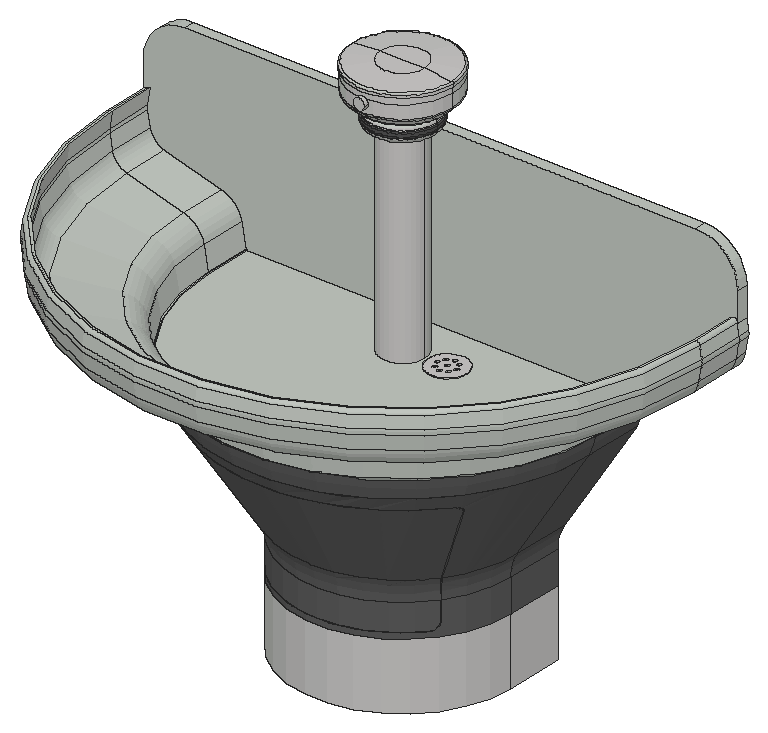
Revit family "Washfountain_Lavatory-Bradley_Corp-TDB3104-Type_O_Drain", category Plumbing Fixtures, Revit 2012 (continued)
Lines and regions (in)
  symbolic lines, detail levels fine
    curve 123: arc (0, -15.24266, 20) -> (0, -14.62169, 19.87689) -> (0, -14.2179, 19.38934) r 0.94465
  symbolic lines, visible <- "Towel Dispenser"
    curve 42: line (-9.02868, -27, 53.185) -> (-3.52868, -27, 53.185)
    curve 43: line (-3.52868, -27, 53.185) -> (-1.58013, -27, 51.81)
    curve 44: line (-3.52868, -27, 53.185) -> (-3.52868, -27, 66.435)
    curve 45: line (-9.02868, -27, 66.435) -> (-3.52868, -27, 66.435)
    curve 46: line (-3.52868, -27, 66.435) -> (-0.06458, -27, 67.1225)
    curve 47: line (-0.06458, -27, 67.1225) -> (-0.06458, -27, 51.81)
    curve 48: line (0.06458, -27, 51.81) -> (0.06458, -27, 67.1225)
    curve 49: line (0.06458, -27, 67.1225) -> (3.52868, -27, 66.435)
    curve 50: line (3.52868, -27, 66.435) -> (3.52868, -27, 53.185)
    curve 51: line (3.52868, -27, 53.185) -> (1.58013, -27, 51.81)
    curve 52: line (3.52868, -27, 53.185) -> (9.02868, -27, 53.185)
    curve 53: line (3.52868, -27, 66.435) -> (9.02868, -27, 66.435)
    curve 54: line (-2, -27, 67.1225) -> (2, -27, 67.1225)
    curve 55: line (-2, -27, 51.81) -> (2, -27, 51.81)
    curve 70: line (-5.56458, 7, 67.1225) -> (-5.56458, 7, 51.81)
    curve 71: line (5.56458, 7, 67.1225) -> (5.56458, 7, 51.81)
    curve 72: line (-2, 7, 53.37293) -> (-2, 7, 65.935)
    curve 73: line (2, 7, 65.935) -> (2, 7, 53.37293)
    curve 133: line (-27, -4.11186, 66.435) -> (-27, -2.11186, 67.1225)
    curve 134: line (-27, -4.11186, 66.435) -> (-27, -13.63814, 66.435)
    curve 135: line (-27, -4.11186, 53.185) -> (-27, -4.11186, 66.435)
    curve 136: line (-27, -2.98686, 51.81) -> (-27, -4.11186, 53.185)
    curve 137: line (-27, -4.11186, 53.185) -> (-27, -13.63814, 53.185)
    curve 144: line (-27, -3.25, 67.1225) -> (-27, -7.25, 67.1225)
    curve 145: line (-26.9807, -3.25, 51.81) -> (-26.9807, -7.25, 51.81)
    curve 152: line (-0.06458, -11.63814, 51.81) -> (-5.56458, -2.11186, 51.81)
    curve 153: line (5.56458, -2.11186, 51.81) -> (0.06458, -11.63814, 51.81)
    curve 164: line (-2, 7, 51.81) -> (-2, 7, 52.87293)
    curve 165: line (2, 7, 51.81) -> (2, 7, 52.87293)
    curve 166: line (-2, 7, 67.1225) -> (-2, 7, 66.435)
    curve 167: line (2, 7, 67.1225) -> (2, 7, 66.435)
    curve 168: line (-5.56458, 7, 66.435) -> (5.56458, 7, 66.435)
    curve 169: line (5.56458, 7, 65.935) -> (-5.56458, 7, 65.935)
    curve 170: line (-5.56458, 7, 53.37293) -> (5.56458, 7, 53.37293)
    curve 171: line (5.56458, 7, 52.87293) -> (-5.56458, 7, 52.87293)
  symbolic lines, visible <- "Towel Dispenser", detail levels medium+fine
    curve 56: line (-3.83614, -27, 52.87293) -> (-7.83674, -27, 52.87293)
    curve 57: spline (-7.83674, -27, 52.87293) -> (-7.91491, -27, 52.8596) -> (-7.94999, -27, 52.82053) -> (-7.93958, -27, 52.75838) -> (-7.88439, -27, 52.67739) -> (-7.78818, -27, 52.58306) -> (-7.65752, -27, 52.48184) -> (-7.50129, -27, 52.38062) -> (-7.33016, -27, 52.2863) -> (-7.15579, -27, 52.2053) -> (-6.99004, -27, 52.14315) -> (-6.84423, -27, 52.10408) -> (-6.72829, -27, 52.09075)
    curve 58: line (-6.72829, -27, 52.09075) -> (-2.72769, -27, 52.09075)
    curve 59: spline (-2.72769, -27, 52.09075) -> (-2.64952, -27, 52.10408) -> (-2.61444, -27, 52.14315) -> (-2.62485, -27, 52.2053) -> (-2.68004, -27, 52.2863) -> (-2.77625, -27, 52.38062) -> (-2.90691, -27, 52.48184) -> (-3.06314, -27, 52.58306) -> (-3.23427, -27, 52.67739) -> (-3.40864, -27, 52.75838) -> (-3.57439, -27, 52.82053) -> (-3.7202, -27, 52.8596) -> (-3.83614, -27, 52.87293)
    curve 60: line (7.83728, -27, 52.87335) -> (3.83704, -27, 52.87335)
    curve 61: spline (3.83704, -27, 52.87335) -> (3.72108, -27, 52.86002) -> (3.57526, -27, 52.82095) -> (3.4095, -27, 52.75879) -> (3.2351, -27, 52.67779) -> (3.06395, -27, 52.58345) -> (2.90772, -27, 52.48222) -> (2.77704, -27, 52.38099) -> (2.68082, -27, 52.28666) -> (2.62563, -27, 52.20565) -> (2.61521, -27, 52.1435) -> (2.65029, -27, 52.10442) -> (2.72847, -27, 52.09109)
    curve 62: line (2.72847, -27, 52.09109) -> (6.72872, -27, 52.09109)
    curve 63: spline (6.72872, -27, 52.09109) -> (6.84468, -27, 52.10442) -> (6.9905, -27, 52.1435) -> (7.15626, -27, 52.20565) -> (7.33066, -27, 52.28666) -> (7.5018, -27, 52.38099) -> (7.65804, -27, 52.48222) -> (7.78872, -27, 52.58345) -> (7.88494, -27, 52.67779) -> (7.94013, -27, 52.75879) -> (7.95054, -27, 52.82095) -> (7.91547, -27, 52.86002) -> (7.83728, -27, 52.87335)
    curve 140: line (-27, -12.08429, 52.87293) -> (-27, -5.15505, 52.87293)
    curve 141: spline (-27, -5.15505, 52.87293) -> (-27, -4.97604, 52.8596) -> (-27, -4.78742, 52.82053) -> (-27, -4.60205, 52.75838) -> (-27, -4.43256, 52.67739) -> (-27, -4.2905, 52.58306) -> (-27, -4.18555, 52.48184) -> (-27, -4.12486, 52.38062) -> (-27, -4.11258, 52.2863) -> (-27, -4.14953, 52.2053) -> (-27, -4.23319, 52.14315) -> (-27, -4.35788, 52.10408) -> (-27, -4.51509, 52.09075)
    curve 142: line (-27, -4.51509, 52.09075) -> (-27, -11.44433, 52.09075)
    curve 143: spline (-27, -11.44433, 52.09075) -> (-27, -11.62334, 52.10408) -> (-27, -11.81196, 52.14315) -> (-27, -11.99733, 52.2053) -> (-27, -12.16682, 52.2863) -> (-27, -12.30888, 52.38062) -> (-27, -12.41383, 52.48184) -> (-27, -12.47452, 52.58306) -> (-27, -12.4868, 52.67739) -> (-27, -12.44985, 52.75838) -> (-27, -12.36618, 52.82053) -> (-27, -12.2415, 52.8596) -> (-27, -12.08429, 52.87293)
    curve 151: line (-1.58013, -12.51314, 51.81) -> (-7.08013, -2.98686, 51.81)
    curve 154: line (7.08013, -2.98686, 51.81) -> (1.58013, -12.51314, 51.81)
  symbolic lines, visible <- "Towel Dispenser", detail levels fine
    curve 64: line (-8.05179, -27, 57.78719) -> (-8.05179, -27, 55.78719)
    curve 65: line (-8.05179, -27, 55.78719) -> (-8.05179, -27, 57.78719)
    curve 66: line (4.50683, -27, 57.78485) -> (4.50683, -27, 55.78485)
    curve 67: line (4.50683, -27, 55.78485) -> (4.50683, -27, 57.78485)
    curve 68: spline (-9.02868, -27, 53.185) -> (-8.93498, -27, 56.22612) -> (-8.66025, -27, 59.06) -> (-8.22323, -27, 61.4935) -> (-7.65368, -27, 63.3608) -> (-6.99044, -27, 64.53463) -> (-6.27868, -27, 64.935) -> (-5.56693, -27, 64.53463) -> (-4.90368, -27, 63.3608) -> (-4.33414, -27, 61.4935) -> (-3.89711, -27, 59.06) -> (-3.62239, -27, 56.22612) -> (-3.52868, -27, 53.185)
    curve 69: spline (3.52868, -27, 53.185) -> (3.62239, -27, 56.16142) -> (3.89711, -27, 58.935) -> (4.33414, -27, 61.31673) -> (4.90368, -27, 63.14429) -> (5.56693, -27, 64.29315) -> (6.27868, -27, 64.685) -> (6.99044, -27, 64.29315) -> (7.65368, -27, 63.14429) -> (8.22323, -27, 61.31673) -> (8.66025, -27, 58.935) -> (8.93498, -27, 56.16142) -> (9.02868, -27, 53.185)
    curve 138: spline (-27, -13.63814, 53.185) -> (-27, -13.47584, 56.16142) -> (-27, -13, 58.935) -> (-27, -12.24305, 61.31673) -> (-27, -11.25657, 63.14429) -> (-27, -10.10779, 64.29315) -> (-27, -8.875, 64.685) -> (-27, -7.64221, 64.29315) -> (-27, -6.49343, 63.14429) -> (-27, -5.50695, 61.31673) -> (-27, -4.75, 58.935) -> (-27, -4.27416, 56.16142) -> (-27, -4.11186, 53.185)
    curve 139: spline (-27, -5.8067, 55.78656) -> (-27, -5.84041, 55.82064) -> (-27, -5.87182, 55.92054) -> (-27, -5.89879, 56.07946) -> (-27, -5.91949, 56.28656) -> (-27, -5.9325, 56.52774) -> (-27, -5.93694, 56.78656) -> (-27, -5.9325, 57.04538) -> (-27, -5.91949, 57.28656) -> (-27, -5.89879, 57.49367) -> (-27, -5.87182, 57.65259) -> (-27, -5.84041, 57.75249) -> (-27, -5.8067, 57.78656) -> (-27, -5.77299, 57.75249) -> (-27, -5.74158, 57.65259) -> (-27, -5.7146, 57.49367) -> (-27, -5.69391, 57.28656) -> (-27, -5.68089, 57.04538) -> (-27, -5.67646, 56.78656) -> (-27, -5.68089, 56.52774) -> (-27, -5.69391, 56.28656) -> (-27, -5.7146, 56.07946) -> (-27, -5.74158, 55.92054) -> (-27, -5.77299, 55.82064) -> (-27, -5.8067, 55.78656)
  symbolic lines, visible <- "Soap Dispenser", detail levels medium+fine
    curve 79: line (-27, -11.45731, 54.75) -> (-27, -3.06766, 54.75)
    curve 87: line (-6.03002, 0, 54.75) -> (6.03002, 0, 54.75)
    curve 155: line (-4.17808, -3.06766, 55.75) -> (-4.17808, -5.3402, 55.75)
    curve 156: arc (4.17808, -5.3402, 55.75) -> (0, -9.51828, 55.75) -> (-4.17808, -5.3402, 55.75) r 4.17808
    curve 157: line (4.17808, -5.3402, 55.75) -> (4.17808, -3.06766, 55.75)
  symbolic lines, visible <- "Soap Dispenser", detail levels fine
    curve 80: line (-27, -11.49582, 55.37453) -> (-27, -3.06766, 55.37453)
    curve 81: line (-27, -11.32199, 54.10673) -> (-27, -3.06766, 54.10673)
    curve 82: line (-27, -11.26962, 52.85673) -> (-27, -3.06766, 52.85673)
    curve 83: line (-27, -11.217, 51.60673) -> (-27, -3.06766, 51.60673)
    curve 84: line (-27, -11.14922, 50.35673) -> (-27, -3.06766, 50.35673)
    curve 86: line (-6.15562, 0, 55.375) -> (6.15562, 0, 55.375)
    curve 88: line (5.98204, 0, 54.10673) -> (-5.98204, 0, 54.10673)
    curve 89: line (-5.92942, 0, 52.85673) -> (5.92942, 0, 52.85673)
    curve 90: line (5.8768, 0, 51.60673) -> (-5.8768, 0, 51.60673)
    curve 91: line (-5.80902, 0, 50.35673) -> (5.82464, 0, 50.35673)
  symbolic lines, visible <- "Soap Dispenser"
    curve 85: line (-27, -7.25, 49.75) -> (-27, -3.24582, 49.75)
    curve 92: line (-2, 0, 49.75) -> (2, 0, 49.75)
  symbolic lines, detail levels medium
    curve 94: line (-4.5755, -5.25, 45.06653) -> (4.5755, -5.25, 45.06653)
    curve 100: line (-3.035, -5.25, 42.77376) -> (-3.125, -5.25, 42.77376)
    curve 101: line (-3.035, -5.25, 43.27361) -> (-3.125, -5.25, 43.27361)
    curve 102: line (3.035, -5.25, 43.27361) -> (3.125, -5.25, 43.27361)
    curve 103: line (3.035, -5.25, 42.77376) -> (3.125, -5.25, 42.77376)
    curve 106: line (-27, -0.6745, 45.06653) -> (-27, -9.8255, 45.06653)
    curve 109: line (-27, -2.125, 43.27361) -> (-27, -2.215, 43.27361)
    curve 111: line (-26.9807, -8.285, 43.27392) -> (-26.9807, -8.375, 43.27392)
    curve 112: line (-27, -8.375, 42.77376) -> (-27, -8.285, 42.77376)
    curve 114: line (-27, -2.215, 42.77376) -> (-27, -2.125, 42.77376)
  symbolic lines, detail levels medium+fine
    curve 98: line (-3.035, -5.25, 43.27361) -> (3.035, -5.25, 43.27361)
    curve 99: line (3.035, -5.25, 42.77376) -> (-3.035, -5.25, 42.77376)
    curve 110: line (-27, -2.215, 43.27361) -> (-27, -8.285, 43.27361)
    curve 113: line (-27, -8.285, 42.77376) -> (-27, -2.215, 42.77376)
    curve 158: line (-16.42795, -5.25, 34) -> (-16.42795, -0.99695, 34)
    curve 159: arc (16.42795, -5.25, 34) -> (0, -21.67795, 34) -> (-16.42795, -5.25, 34) r 16.42795
    curve 160: line (16.42795, -0.99695, 34) -> (16.42795, -5.25, 34)
    curve 173: circle (4, -5.24635, 34) r 1.34351 normal (0, 0, 1)
    curve 174: circle (4, -5.24635, 34) r 0.1842 normal (0, 0, 1)
    curve 175: circle (4, -4.36864, 34) r 0.1842 normal (0, 0, 1)
    curve 176: circle (4.62063, -4.62571, 34) r 0.1842 normal (0, 0, 1)
    curve 177: circle (4.87771, -5.24635, 34) r 0.1842 normal (0, 0, 1)
    curve 178: circle (4.62063, -5.86698, 34) r 0.1842 normal (0, 0, 1)
    curve 179: circle (4, -6.12406, 34) r 0.1842 normal (0, 0, 1)
    curve 180: circle (3.37937, -5.86698, 34) r 0.1842 normal (0, 0, 1)
    curve 181: circle (3.12229, -5.24635, 34) r 0.1842 normal (0, 0, 1)
    curve 182: circle (3.37937, -4.62571, 34) r 0.1842 normal (0, 0, 1)
    curve 185: circle (0, -5.25, 47.414) r 3.75 normal (0, 0, 1)
  symbolic lines, visible <- "Standard Height", detail levels medium+fine
    curve 116: arc (-27, -25.14914, 27.60641) -> (-27, -21.62946, 26.99605) -> (-27, -18.06241, 26.80413) r 30.30246
    curve 132: line (-27, -18.06241, 26.80413) -> (-27, -15.06241, 26.80413)
    curve 161: arc (-19.89268, -27, 27.60641) -> (0, -27, 26.06829) -> (19.89268, -27, 27.60641) r 129.40584
  symbolic lines, visible <- "Standard Height", detail levels coarse
    curve 125: line (-27, -25.14914, 27.60641) -> (-27, 0, 27.60641)
    curve 162: line (-19.89268, -27, 27.60641) -> (19.89268, -27, 27.60641)
  symbolic lines, visible <- "Juvenile Height", detail levels medium+fine
    curve 126: arc (-27, -24.98186, 24.71005) -> (-27, -21.77754, 24.31554) -> (-27, -18.55112, 24.19901) r 37.37844
    curve 146: arc (-19.73471, -27, 24.7109) -> (0, -27, 24) -> (19.73471, -27, 24.7109) r 274.27377
  symbolic lines, visible <- "Soap Dispenser", detail levels medium
    curve 128: line (-6.03002, 0, 54.75) -> (-6.11711, 0, 54.75)
    curve 129: line (6.03002, 0, 54.75) -> (6.11711, 0, 54.75)
  symbolic lines, visible <- "Button Visibility"
    curve 184: circle (0, -44.4096, 45.95529) r 0.5 normal (0, -1, 0)
Dimensions and locks (in)
  equal spacing: plane 4 "Left", plane 3 "Center (Left/Right)", plane 5 "Right"
  "Width": plane 4 "Left" to plane 5 "Right"
  "Towel Dispenser Height": plane 6 "Towel Dispenser" to plane 2
  "Soap Dispenser Height": plane 7 "Soap Dispenser" to plane 2
  "Sensor Module Height": plane 8 "Sensor Module" to plane 2
  "Spray Head Height": plane 9 "Spray Head" to plane 2
  "Rim Height": plane 10 "Rim Height" to plane 2
  "Pedestal Height": plane 11 "Pedestal Height" to plane 2
  locked: curve 14 to plane 11 "Pedestal Height" at 16.5
  locked: curve 21 to plane 11 "Pedestal Height" at 12.5
  locked: Extrusion 19 sketch curve to Extrusion 19 sketch curve at 4
  locked: curve 25 to Extrusion 19 sketch curve at 15.3125
  locked: plane 7 "Soap Dispenser" to Extrusion 23 sketch curve at 6
  locked: plane 7 "Soap Dispenser" to Revolve 25 sketch curve at 6
  locked: plane 7 "Soap Dispenser" to Masking region 13 sketch curve at 6  (x2)
  locked: plane 8 "Sensor Module" to Revolve 22 sketch curve at 3.17187
  locked: plane 8 "Sensor Module" to Revolve 22 sketch curve at 5.10281
  locked: plane 8 "Sensor Module" to Revolve 21 sketch curve at 3.17187
  locked: plane 8 "Sensor Module" to Revolve 21 sketch curve at 5.10281
  locked: curve 25 to Extrusion 19 sketch curve at 15.16214
  locked: curve 25 to Extrusion 19 sketch curve at 4
  locked: Extrusion 18 sketch curve to curve 24 at 4
  locked: curve 24 to Extrusion 18 sketch curve at 15.3125
  locked: curve 24 to Extrusion 18 sketch curve at 15.16214
  "Towel Dispenser Holder": plane 6 "Towel Dispenser" to Masking region 6
  "Towel Dispenser Holder": plane 6 "Towel Dispenser" to Extrusion 27
  locked: Extrusion 27 to Extrusion 18 at 1
  "Towel Dispenser Holder": plane 6 "Towel Dispenser" to Masking region 11
  locked: plane 7 "Soap Dispenser" to Revolve 25 sketch curve at 1
  locked: plane 7 "Soap Dispenser" to Revolve 25 sketch curve at 0.375
  locked: plane 8 "Sensor Module" to Extrusion 15 at 3.17187
  locked: plane 1 "Center (Front/Back)" to Extrusion 30 at 3
  "Supply Height": Extrusion 29 to plane 2
  plane 7 "Soap Dispenser" to Extrusion 24 sketch curve to Extrusion 24 sketch curve = 1.000" locked, 5.000" locked
  plane 7 "Soap Dispenser" to Revolve 26 sketch curve to Revolve 26 sketch curve = 1.000" locked, 5.000" locked
  locked: plane 7 "Soap Dispenser" to Extrusion 32 sketch curve at 1
  locked: Extrusion 35 sketch curve to plane 1 "Center (Front/Back)" at 5.25
  locked: Extrusion 35 to plane 2 at 3
  Extrusion 29 sketch curve to plane 3 "Center (Left/Right)" to Extrusion 29 sketch curve = 0.875" locked, 0.875" locked
  locked: Extrusion 29 sketch curve to plane 1 "Center (Front/Back)" at 4  (x2)
  locked: plane 3 "Center (Left/Right)" to Extrusion 35 sketch curve at 4
  locked: Extrusion 30 sketch curve to plane 3 "Center (Left/Right)" at 4
  locked: Extrusion 30 sketch curve to plane 2 at 13.25
  "Drain Secondary Radius": radius of Extrusion 35 sketch curve
  "Hot Lavatory Inlet Radius": radius of Extrusion 29 sketch curve
  "Cold Lavatory Inlet Radius": radius of Extrusion 29 sketch curve
  "Drain Primary Radius": radius of Extrusion 30 sketch curve
  aligned and locked: plane 10 "Rim Height" to curve 1
  aligned and locked: Sweep 4 to Extrusion 15
  aligned and locked: plane 6 "Towel Dispenser" to curve 23
  aligned and locked: Extrusion 17 to plane 8 "Sensor Module"
  aligned and locked: Extrusion 18 to Extrusion 20
  aligned and locked: plane 11 "Pedestal Height" to Masking region 9 sketch curve
  aligned and locked: plane 2 to Masking region 9 sketch curve
  aligned and locked: Masking region 10 sketch curve to plane 8 "Sensor Module"
  aligned and locked: Masking region 12 to plane 8 "Sensor Module"
  aligned and locked: Masking region 13 to plane 8 "Sensor Module"
  aligned and locked: Masking region 14 to plane 8 "Sensor Module"
  aligned and locked: Masking region 25 to Revolve 21
  aligned and locked: Masking region 25 to plane 10 "Rim Height"
  aligned and locked: Revolve 21 to Masking region 26
  aligned and locked: plane 10 "Rim Height" to Masking region 26
  aligned and locked: Revolve 25 to Masking region 14  (x3)
  aligned and locked: Masking region 14 sketch curve to Extrusion 23
  aligned and locked: Extrusion 23 to Masking region 14
  aligned and locked: Extrusion 17 to cut or joined group of Extrusion 24, Revolve 26
  aligned and locked: Extrusion 29 to plane 2
  aligned and locked: Revolve 31 sketch curve to plane 3 "Center (Left/Right)"
  aligned and locked: Extrusion 35 to plane 2
  aligned and locked: Extrusion 30 to plane 1 "Center (Front/Back)"
Automatic sketch dimensions
  curve 21 to plane 4 "Left" = 6.92149"
  curve 21 to curve 14 = 1.92149"
  plane 4 "Left" to curve 14 = 6.000"
  curve 14 to curve 21 = 0.07851"
  curve 1 to plane 4 "Left" = 20.13744"
  plane 4 "Left" to curve 1 = 2.86256"
  Extrusion 1 sketch curve to plane 1 "Center (Front/Back)" = 0.000"
  Extrusion 1 sketch curve to plane 3 "Center (Left/Right)" = 0.000"
  Extrusion 1 sketch curve to plane 3 "Center (Left/Right)" = 9.750"
  plane 1 "Center (Front/Back)" to Extrusion 1 sketch curve = 5.250"
  Sweep 2 sketch curve to profile plane = 0.000"  (x2)
  profile plane to Sweep 2 sketch curve = 0.20663"
  Sweep 2 sketch curve to Sweep 2 sketch curve = 0.42149"
  profile plane to Sweep 2 sketch curve = 6.67795"
  Sweep 2 sketch curve to Sweep 2 sketch curve = 0.46084"
  Sweep 2 sketch curve to Sweep 2 sketch curve = 0.55216"
  Sweep 2 sketch curve to Sweep 2 sketch curve = 0.51988"
  Sweep 2 sketch curve to Sweep 2 sketch curve = 0.500"
  Sweep 2 sketch curve to Sweep 2 sketch curve = 2.980"
  Sweep 2 sketch curve to Sweep 2 sketch curve = 0.000"
  Sweep 2 sketch curve to Sweep 2 sketch curve = 2.15184"
  Sweep 2 sketch curve to Sweep 2 sketch curve = 0.26898"
  Sweep 2 sketch curve to Sweep 2 sketch curve = 10.2021"
  Sweep 2 sketch curve to Sweep 2 sketch curve = 0.20731"
  Sweep 2 sketch curve to Sweep 2 sketch curve = 1.93875"
  Sweep 3 sketch curve to profile plane = 0.000"  (x2)
  profile plane to Sweep 3 sketch curve = 0.20663"
  Sweep 3 sketch curve to Sweep 3 sketch curve = 0.42149"
  profile plane to Sweep 3 sketch curve = 4.000"
  profile plane to Sweep 3 sketch curve = 6.67795"
  Sweep 3 sketch curve to Sweep 3 sketch curve = 0.46084"
  Sweep 3 sketch curve to Sweep 3 sketch curve = 0.55216"
  Sweep 3 sketch curve to Sweep 3 sketch curve = 0.37561"
  Sweep 3 sketch curve to Sweep 3 sketch curve = 0.0125"
  Sweep 3 sketch curve to Sweep 3 sketch curve = 0.11945"
  Sweep 3 sketch curve to Sweep 3 sketch curve = 0.000"  (x2)
  Sweep 3 sketch curve to Sweep 3 sketch curve = 0.500"
  Sweep 3 sketch curve to profile plane = 1.16827"
  Sweep 3 sketch curve to Sweep 3 sketch curve = 2.980"
  Sweep 3 sketch curve to Sweep 3 sketch curve = 0.26898"
  Sweep 3 sketch curve to Sweep 3 sketch curve = 10.2021"
  Sweep 3 sketch curve to Sweep 3 sketch curve = 0.20731"
  Sweep 3 sketch curve to Sweep 3 sketch curve = 1.79793"
  profile plane to Sweep 4 sketch curve = 17.05789"
  Sweep 4 sketch curve to Sweep 4 sketch curve = 0.52916"
  Sweep 4 sketch curve to Sweep 4 sketch curve = 1.20506"
  Sweep 4 sketch curve to Sweep 4 sketch curve = 0.38561"
  Sweep 4 sketch curve to Sweep 4 sketch curve = 4.79538"
  Sweep 4 sketch curve to Sweep 4 sketch curve = 0.27039"
  Sweep 4 sketch curve to Sweep 4 sketch curve = 1.45241"
  Sweep 4 sketch curve to Sweep 4 sketch curve = 0.44027"
  Sweep 4 sketch curve to Sweep 4 sketch curve = 0.46741"
  Sweep 4 sketch curve to Sweep 4 sketch curve = 0.50758"
  profile plane to Sweep 4 sketch curve = 17.480"
  Sweep 4 sketch curve to Sweep 4 sketch curve = 0.500"
  Sweep 4 sketch curve to Sweep 4 sketch curve = 2.01893"
  Sweep 4 sketch curve to Sweep 4 sketch curve = 0.22984"
  Sweep 4 sketch curve to Sweep 4 sketch curve = 1.58748"
  Sweep 4 sketch curve to Sweep 4 sketch curve = 0.44518"
  Sweep 4 sketch curve to Sweep 4 sketch curve = 1.38849"
  Sweep 4 sketch curve to Sweep 4 sketch curve = 0.4143"
  Sweep 4 sketch curve to Sweep 4 sketch curve = 4.5908"
  Sweep 5 sketch curve to Sweep 5 sketch curve = 0.000"  (x7)
  profile plane to Sweep 5 sketch curve = 17.21443"
  Sweep 5 sketch curve to Sweep 5 sketch curve = 0.00833"
  Sweep 5 sketch curve to Sweep 5 sketch curve = 0.15654"
  Sweep 5 sketch curve to Sweep 5 sketch curve = 0.25178"
  Sweep 5 sketch curve to Sweep 5 sketch curve = 0.49458"
  Sweep 5 sketch curve to Sweep 5 sketch curve = 0.00555"
  Sweep 5 sketch curve to Sweep 5 sketch curve = 0.37062"
  Sweep 5 sketch curve to Sweep 5 sketch curve = 0.18233"
  Sweep 5 sketch curve to Sweep 5 sketch curve = 0.4918"
  Sweep 5 sketch curve to Sweep 5 sketch curve = 0.98915"
  Sweep 5 sketch curve to Sweep 5 sketch curve = 1.13886"
  Sweep 5 sketch curve to Sweep 5 sketch curve = 0.12943"  (x2)
  Sweep 5 sketch curve to Sweep 5 sketch curve = 0.98948"
  Sweep 5 sketch curve to Sweep 5 sketch curve = 4.66326"
  Sweep 5 sketch curve to Sweep 5 sketch curve = 0.51772"
  Sweep 5 sketch curve to Sweep 5 sketch curve = 1.97013"
  Sweep 5 sketch curve to Sweep 5 sketch curve = 0.4229"
  Sweep 5 sketch curve to Sweep 5 sketch curve = 0.49279"
  Sweep 5 sketch curve to Sweep 5 sketch curve = 0.11821"
  Sweep 5 sketch curve to Sweep 5 sketch curve = 0.30283"
  Sweep 5 sketch curve to Sweep 5 sketch curve = 0.1039"
  profile plane to Sweep 5 sketch curve = 17.480"
  Sweep 5 sketch curve to Sweep 5 sketch curve = 0.09934"
  Sweep 5 sketch curve to Sweep 5 sketch curve = 0.500"
  Sweep 5 sketch curve to Sweep 5 sketch curve = 0.08737"
  Sweep 5 sketch curve to Sweep 5 sketch curve = 2.07524"
  Sweep 5 sketch curve to Sweep 5 sketch curve = 0.34435"
  Sweep 5 sketch curve to Sweep 5 sketch curve = 0.08462"
  Sweep 5 sketch curve to Sweep 5 sketch curve = 1.38849"
  Sweep 5 sketch curve to Sweep 5 sketch curve = 0.48296"
  Sweep 5 sketch curve to Sweep 5 sketch curve = 1.28456"
  Sweep 5 sketch curve to Sweep 5 sketch curve = 1.37314"
  Sweep 5 sketch curve to Sweep 5 sketch curve = 0.09018"
  Sweep 5 sketch curve to Sweep 5 sketch curve = 0.18035"
  Sweep 5 sketch curve to Sweep 5 sketch curve = 1.07264"
  Sweep 5 sketch curve to Sweep 5 sketch curve = 0.05503"
  Extrusion 6 sketch curve to curve 14 = 0.000"
  Extrusion 6 sketch curve to curve 14 = 7.3736"
  Extrusion 6 sketch curve to curve 14 = 47.96443"
  Extrusion 6 sketch curve to curve 14 = 7.86445"
  Extrusion 6 sketch curve to Extrusion 6 sketch curve = 0.00833"  (x2)
  Extrusion 6 sketch curve to Extrusion 6 sketch curve = 0.15654"
  Extrusion 6 sketch curve to curve 14 = 9.23759"
  Extrusion 6 sketch curve to Extrusion 6 sketch curve = 0.25178"  (x2)
  Extrusion 6 sketch curve to Extrusion 6 sketch curve = 1.4754"
  Extrusion 6 sketch curve to Extrusion 6 sketch curve = 1.63066"
  Extrusion 6 sketch curve to Extrusion 6 sketch curve = 0.98948"  (x2)
  Extrusion 6 sketch curve to Extrusion 6 sketch curve = 3.750"  (x2)
  Extrusion 6 sketch curve to Extrusion 6 sketch curve = 4.66326"
  Extrusion 6 sketch curve to curve 14 = 12.39359"
  Extrusion 6 sketch curve to Extrusion 6 sketch curve = 0.51772"
  Extrusion 6 sketch curve to curve 14 = 13.98107"
  Extrusion 6 sketch curve to Extrusion 6 sketch curve = 1.97013"
  Extrusion 6 sketch curve to curve 14 = 16.40066"
  Extrusion 6 sketch curve to Extrusion 6 sketch curve = 0.4229"  (x2)
  Extrusion 6 sketch curve to Extrusion 6 sketch curve = 0.11821"  (x2)
  Extrusion 6 sketch curve to curve 14 = 3.10085"
  Extrusion 6 sketch curve to curve 14 = 1.10732"
  Extrusion 6 sketch curve to curve 14 = 0.5896"
  curve 14 to Extrusion 6 sketch curve = 2.05789"
  curve 14 to Extrusion 6 sketch curve = 3.49122"
  Extrusion 6 sketch curve to Extrusion 6 sketch curve = 0.58244"
  Extrusion 6 sketch curve to Extrusion 6 sketch curve = 1.22363"
  Extrusion 6 sketch curve to Extrusion 6 sketch curve = 1.05424"  (x2)
  Extrusion 6 sketch curve to Extrusion 6 sketch curve = 2.56937"
  Extrusion 6 sketch curve to Extrusion 6 sketch curve = 0.22032"
  Extrusion 6 sketch curve to Extrusion 6 sketch curve = 1.23787"  (x2)
  Extrusion 6 sketch curve to Extrusion 6 sketch curve = 1.37314"
  curve 14 to Extrusion 6 sketch curve = 12.39359"
  Extrusion 6 sketch curve to Extrusion 6 sketch curve = 1.58748"
  Extrusion 6 sketch curve to Extrusion 6 sketch curve = 0.02066"
  Extrusion 6 sketch curve to Extrusion 6 sketch curve = 0.120"
  Extrusion 7 sketch curve to curve 14 = 0.000"
  Extrusion 7 sketch curve to curve 14 = 6.000"
  Extrusion 7 sketch curve to curve 14 = 47.80789"
  Extrusion 7 sketch curve to curve 14 = 11.0051"
  Extrusion 7 sketch curve to Extrusion 7 sketch curve = 1.73423"
  Extrusion 7 sketch curve to curve 14 = 3.750"  (x2)
  Extrusion 7 sketch curve to curve 14 = 12.39359"
  Extrusion 7 sketch curve to Extrusion 7 sketch curve = 5.18099"
  Extrusion 7 sketch curve to curve 14 = 13.98107"
  Extrusion 7 sketch curve to Extrusion 7 sketch curve = 1.45241"
  Extrusion 7 sketch curve to curve 14 = 16.500"
  Extrusion 7 sketch curve to Extrusion 7 sketch curve = 0.44027"  (x2)
  Extrusion 7 sketch curve to curve 14 = 3.000"
  Extrusion 7 sketch curve to curve 14 = 1.10732"
  curve 14 to Extrusion 7 sketch curve = 2.05789"
  curve 14 to Extrusion 7 sketch curve = 4.07366"
  Extrusion 7 sketch curve to Extrusion 7 sketch curve = 2.250"
  curve 14 to Extrusion 7 sketch curve = 11.0051"
  curve 14 to Extrusion 7 sketch curve = 12.39359"
  Extrusion 7 sketch curve to Extrusion 7 sketch curve = 1.58748"
  Extrusion 9 sketch curve to plane 11 "Pedestal Height" = 0.000"
  plane 4 "Left" to Extrusion 9 sketch curve = 10.01988"
  Extrusion 9 sketch curve to plane 11 "Pedestal Height" = 1.93875"  (x2)
  Extrusion 9 sketch curve to Extrusion 9 sketch curve = 0.55216"  (x2)
  Extrusion 9 sketch curve to plane 3 "Center (Left/Right)" = 9.95663"
  Extrusion 9 sketch curve to Extrusion 9 sketch curve = 0.70663"  (x2)
  plane 3 "Center (Left/Right)" to Extrusion 9 sketch curve = 9.250"
  Extrusion 9 sketch curve to plane 5 "Right" = 10.57205"
  level to Extrusion 9 sketch curve = 11.42082"  (x2)
  Extrusion 9 sketch curve to Extrusion 9 sketch curve = 2.42082"  (x2)
  Extrusion 9 sketch curve to Extrusion 9 sketch curve = 2.980"
  profile plane to Sweep 10 sketch curve = 17.05789"
  Sweep 10 sketch curve to Sweep 10 sketch curve = 0.33998"
  Sweep 10 sketch curve to Sweep 10 sketch curve = 1.26148"
  Sweep 10 sketch curve to Sweep 10 sketch curve = 0.37615"
  Sweep 10 sketch curve to Sweep 10 sketch curve = 6.1096"
  Sweep 10 sketch curve to Sweep 10 sketch curve = 0.25072"
  Sweep 10 sketch curve to Sweep 10 sketch curve = 1.06066"
  Sweep 10 sketch curve to Sweep 10 sketch curve = 0.20711"
  Sweep 10 sketch curve to Sweep 10 sketch curve = 0.50758"
  profile plane to Sweep 10 sketch curve = 17.480"
  Sweep 10 sketch curve to Sweep 10 sketch curve = 0.500"
  Sweep 10 sketch curve to Sweep 10 sketch curve = 0.56066"
  Sweep 10 sketch curve to Sweep 10 sketch curve = 0.45639"
  Sweep 10 sketch curve to Sweep 10 sketch curve = 1.44565"
  Sweep 10 sketch curve to Sweep 10 sketch curve = 0.42843"
  Sweep 10 sketch curve to Sweep 10 sketch curve = 3.06543"
  Sweep 10 sketch curve to Sweep 10 sketch curve = 0.49984"
  Sweep 11 sketch curve to Sweep 11 sketch curve = 0.000"  (x4)
  profile plane to Sweep 11 sketch curve = 17.06017"
  Sweep 11 sketch curve to Sweep 11 sketch curve = 0.34215"
  Sweep 11 sketch curve to Sweep 11 sketch curve = 0.35149"
  Sweep 11 sketch curve to Sweep 11 sketch curve = 0.96392"
  Sweep 11 sketch curve to Sweep 11 sketch curve = 0.35711"
  Sweep 11 sketch curve to Sweep 11 sketch curve = 1.31387"
  Sweep 11 sketch curve to Sweep 11 sketch curve = 0.10878"  (x2)
  Sweep 11 sketch curve to Sweep 11 sketch curve = 1.37319"
  Sweep 11 sketch curve to Sweep 11 sketch curve = 4.2803"
  Sweep 11 sketch curve to Sweep 11 sketch curve = 0.51736"
  Sweep 11 sketch curve to Sweep 11 sketch curve = 1.12685"
  Sweep 11 sketch curve to Sweep 11 sketch curve = 0.34986"
  Sweep 11 sketch curve to Sweep 11 sketch curve = 0.60786"
  Sweep 11 sketch curve to Sweep 11 sketch curve = 0.20711"
  Sweep 11 sketch curve to Sweep 11 sketch curve = 0.30047"
  profile plane to Sweep 11 sketch curve = 16.36982"
  Sweep 11 sketch curve to Sweep 11 sketch curve = 1.11018"
  Sweep 11 sketch curve to Sweep 11 sketch curve = 0.500"
  Sweep 11 sketch curve to Sweep 11 sketch curve = 0.10786"
  Sweep 11 sketch curve to Sweep 11 sketch curve = 0.35725"
  Sweep 11 sketch curve to Sweep 11 sketch curve = 1.06938"
  Sweep 11 sketch curve to Sweep 11 sketch curve = 0.48802"
  Sweep 11 sketch curve to Sweep 11 sketch curve = 0.56179"
  Sweep 11 sketch curve to Sweep 11 sketch curve = 2.18899"
  Sweep 11 sketch curve to Sweep 11 sketch curve = 0.12691"
  Extrusion 12 sketch curve to curve 21 = 0.000"
  Extrusion 12 sketch curve to curve 21 = 5.8864"
  Extrusion 12 sketch curve to Extrusion 12 sketch curve = 0.05365"
  Extrusion 12 sketch curve to Extrusion 12 sketch curve = 0.86879"  (x2)
  Extrusion 12 sketch curve to Extrusion 12 sketch curve = 0.90799"
  Extrusion 12 sketch curve to Extrusion 12 sketch curve = 1.31387"  (x2)
  Extrusion 12 sketch curve to Extrusion 12 sketch curve = 1.7303"
  Extrusion 12 sketch curve to curve 21 = 2.1364"
  curve 21 to Extrusion 12 sketch curve = 0.66942"
  curve 21 to Extrusion 12 sketch curve = 1.18678"
  Extrusion 12 sketch curve to Extrusion 12 sketch curve = 1.12685"  (x2)
  Extrusion 12 sketch curve to Extrusion 12 sketch curve = 0.60786"  (x3)
  curve 21 to Extrusion 12 sketch curve = 12.500"
  Extrusion 12 sketch curve to Extrusion 12 sketch curve = 36.000"
  curve 21 to Extrusion 12 sketch curve = 11.89214"
  Extrusion 12 sketch curve to Extrusion 12 sketch curve = 0.51736"
  Extrusion 12 sketch curve to Extrusion 12 sketch curve = 3.32318"
  Extrusion 12 sketch curve to Extrusion 12 sketch curve = 1.05806"
  Extrusion 12 sketch curve to Extrusion 12 sketch curve = 0.41643"
  Extrusion 12 sketch curve to Extrusion 12 sketch curve = 1.7695"
  curve 21 to Extrusion 12 sketch curve = 6.6551"
  Extrusion 12 sketch curve to Extrusion 12 sketch curve = 0.92244"
  Extrusion 12 sketch curve to Extrusion 12 sketch curve = 1.71804"
  Extrusion 12 sketch curve to curve 21 = 13.61018"
  Extrusion 12 sketch curve to curve 21 = 10.21972"
  Extrusion 12 sketch curve to Extrusion 12 sketch curve = 3.56462"
  Extrusion 12 sketch curve to Extrusion 12 sketch curve = 1.04981"  (x2)
  Extrusion 12 sketch curve to Extrusion 12 sketch curve = 2.51481"
  Extrusion 12 sketch curve to Extrusion 12 sketch curve = 0.31368"  (x2)
  Extrusion 13 sketch curve to curve 21 = 0.000"
  Extrusion 13 sketch curve to curve 21 = 5.8864"
  Extrusion 13 sketch curve to Extrusion 13 sketch curve = 1.26148"  (x2)
  Extrusion 13 sketch curve to curve 21 = 2.1364"
  curve 21 to Extrusion 13 sketch curve = 1.86083"
  Extrusion 13 sketch curve to Extrusion 13 sketch curve = 1.06066"  (x3)
  curve 21 to Extrusion 13 sketch curve = 12.500"
  Extrusion 13 sketch curve to Extrusion 13 sketch curve = 36.000"
  curve 21 to Extrusion 13 sketch curve = 11.43934"
  curve 21 to Extrusion 13 sketch curve = 3.750"
  Extrusion 13 sketch curve to Extrusion 13 sketch curve = 3.99723"
  curve 21 to Extrusion 13 sketch curve = 9.99369"
  Extrusion 13 sketch curve to curve 21 = 9.99369"
  Extrusion 13 sketch curve to Extrusion 13 sketch curve = 2.77782"  (x2)
  Extrusion 14 sketch curve to Extrusion 14 sketch curve = 0.87229"
  Extrusion 14 sketch curve to Extrusion 14 sketch curve = 0.25708"  (x5)
  Extrusion 14 sketch curve to Extrusion 14 sketch curve = 0.62063"  (x10)
  Extrusion 15 sketch curve to plane 3 "Center (Left/Right)" = 0.000"
  plane 1 "Center (Front/Back)" to Extrusion 15 sketch curve = 5.250"
  Extrusion 16 sketch curve to Extrusion 16 sketch curve = 0.000"  (x7)
  curve 21 to Extrusion 16 sketch curve = 8.11292"
  Extrusion 16 sketch curve to Extrusion 16 sketch curve = 0.052"
  Extrusion 16 sketch curve to Extrusion 16 sketch curve = 0.22903"
  Extrusion 16 sketch curve to Extrusion 16 sketch curve = 0.00701"  (x2)
  Extrusion 16 sketch curve to Extrusion 16 sketch curve = 0.32568"
  curve 21 to Extrusion 16 sketch curve = 9.66113"
  Extrusion 16 sketch curve to Extrusion 16 sketch curve = 2.76437"
  Extrusion 16 sketch curve to Extrusion 16 sketch curve = 0.0519"
  Extrusion 16 sketch curve to Extrusion 16 sketch curve = 0.51604"
  Extrusion 16 sketch curve to Extrusion 16 sketch curve = 0.05859"
  Extrusion 16 sketch curve to Extrusion 16 sketch curve = 0.52993"
  Extrusion 16 sketch curve to Extrusion 16 sketch curve = 0.01463"
  Extrusion 16 sketch curve to Extrusion 16 sketch curve = 0.00079"
  Extrusion 16 sketch curve to Extrusion 16 sketch curve = 14.71052"
  Extrusion 16 sketch curve to Extrusion 16 sketch curve = 0.00972"
  Extrusion 16 sketch curve to Extrusion 16 sketch curve = 0.00484"
  Extrusion 16 sketch curve to Extrusion 16 sketch curve = 0.58467"
  Extrusion 16 sketch curve to Extrusion 16 sketch curve = 0.07564"
  Extrusion 16 sketch curve to Extrusion 16 sketch curve = 0.43038"
  Extrusion 16 sketch curve to Extrusion 16 sketch curve = 0.05231"
  Extrusion 16 sketch curve to Extrusion 16 sketch curve = 2.78655"
  Extrusion 16 sketch curve to Extrusion 16 sketch curve = 1.15791"
  Extrusion 16 sketch curve to Extrusion 16 sketch curve = 0.08964"
  Extrusion 16 sketch curve to Extrusion 16 sketch curve = 0.32472"
  Extrusion 16 sketch curve to Extrusion 16 sketch curve = 0.05186"
  Extrusion 16 sketch curve to curve 21 = 29.46715"
  Extrusion 16 sketch curve to Extrusion 16 sketch curve = 1.76161"
  Extrusion 16 sketch curve to Extrusion 16 sketch curve = 1.87798"
  Extrusion 16 sketch curve to Extrusion 16 sketch curve = 0.18344"
  Extrusion 16 sketch curve to Extrusion 16 sketch curve = 2.15339"
  Extrusion 16 sketch curve to Extrusion 16 sketch curve = 0.0272"
  Extrusion 16 sketch curve to Extrusion 16 sketch curve = 2.08114"
  Extrusion 16 sketch curve to Extrusion 16 sketch curve = 0.02642"
  Extrusion 16 sketch curve to Extrusion 16 sketch curve = 6.26208"
  Extrusion 16 sketch curve to Extrusion 16 sketch curve = 6.39267"
  Extrusion 16 sketch curve to Extrusion 16 sketch curve = 0.02728"
  Extrusion 16 sketch curve to Extrusion 16 sketch curve = 0.02701"
  curve 23 to plane 4 "Left" = 0.000"
  curve 23 to curve 23 = 8.86256"
  Extrusion 17 sketch curve to plane 3 "Center (Left/Right)" = 0.000"
  plane 1 "Center (Front/Back)" to Extrusion 17 sketch curve = 5.250"
  Extrusion 18 sketch curve to plane 6 "Towel Dispenser" = 0.000"
  plane 6 "Towel Dispenser" to Extrusion 18 sketch curve = 1.375"
  Extrusion 18 sketch curve to Extrusion 18 sketch curve = 1.750"
  Extrusion 19 sketch curve to plane 6 "Towel Dispenser" = 0.000"
  plane 6 "Towel Dispenser" to Extrusion 19 sketch curve = 1.375"
  Extrusion 19 sketch curve to Extrusion 19 sketch curve = 1.750"
  plane 1 "Center (Front/Back)" to curve 25 = 2.11186"
  plane 3 "Center (Left/Right)" to curve 25 = 5.56458"
  plane 3 "Center (Left/Right)" to curve 25 = 0.06458"
  curve 24 to plane 3 "Center (Left/Right)" = 0.06458"
  plane 1 "Center (Front/Back)" to curve 24 = 2.11186"
  curve 24 to plane 3 "Center (Left/Right)" = 5.56458"
  curve 25 to curve 25 = 9.52628"
  curve 24 to curve 25 = 0.000"
  Extrusion 18 to Split face 1 sketch curve = 0.59847"
  Split face 1 sketch curve to Split face 1 sketch curve = 0.750"
  Split face 1 sketch curve to Extrusion 18 = 1.4994"  (x2)
  Extrusion 19 to Split face 2 sketch curve = 0.59766"
  Split face 2 sketch curve to Split face 2 sketch curve = 0.75008"
  Split face 2 sketch curve to Extrusion 19 = 1.500"
  Split face 2 sketch curve to Extrusion 19 = 1.49951"
  Extrusion 20 sketch curve to Extrusion 20 sketch curve = 0.000"  (x2)
  Extrusion 20 sketch curve to curve 23 = 2.11186"  (x2)
  Extrusion 20 sketch curve to curve 23 = 23.70202"
  Extrusion 20 sketch curve to Extrusion 20 sketch curve = 0.11164"
  Extrusion 20 sketch curve to Extrusion 20 sketch curve = 3.45295"  (x2)
  Extrusion 20 sketch curve to Extrusion 20 sketch curve = 1.93542"
  Extrusion 20 sketch curve to Extrusion 20 sketch curve = 2.000"
  Extrusion 20 sketch curve to Extrusion 20 sketch curve = 0.12917"
  Extrusion 20 sketch curve to Extrusion 20 sketch curve = 0.06445"
  Extrusion 20 sketch curve to curve 23 = 5.250"
  Masking region 1 sketch curve to plane 11 "Pedestal Height" = 0.000"
  Masking region 1 sketch curve to level = 0.000"
  plane 4 "Left" to Masking region 1 sketch curve = 9.500"
  Masking region 1 sketch curve to plane 11 "Pedestal Height" = 2.14606"  (x2)
  Masking region 1 sketch curve to Masking region 1 sketch curve = 0.61121"  (x2)
  Masking region 1 sketch curve to plane 3 "Center (Left/Right)" = 10.37812"
  Masking region 1 sketch curve to Masking region 1 sketch curve = 0.62812"  (x2)
  plane 3 "Center (Left/Right)" to Masking region 1 sketch curve = 9.750"
  Masking region 1 sketch curve to plane 5 "Right" = 10.11121"
  Masking region 1 sketch curve to Masking region 1 sketch curve = 6.020"  (x2)
  Masking region 1 sketch curve to Masking region 1 sketch curve = 2.980"  (x2)
  Masking region 1 sketch curve to Masking region 1 sketch curve = 2.15184"  (x2)
  Masking region 2 sketch curve to curve 21 = 0.000"
  curve 21 to Masking region 2 sketch curve = 3.750"  (x2)
  Masking region 2 sketch curve to curve 21 = 5.8864"
  Masking region 2 sketch curve to Masking region 2 sketch curve = 1.26148"  (x2)
  curve 21 to Masking region 2 sketch curve = 1.86083"
  Masking region 2 sketch curve to Masking region 2 sketch curve = 1.06066"  (x3)
  curve 21 to Masking region 2 sketch curve = 12.500"
  Masking region 2 sketch curve to Masking region 2 sketch curve = 36.000"
  curve 21 to Masking region 2 sketch curve = 11.43934"
  Masking region 2 sketch curve to Masking region 2 sketch curve = 3.99723"
  curve 21 to Masking region 2 sketch curve = 9.99369"
  Masking region 2 sketch curve to curve 21 = 9.99369"
  Masking region 2 sketch curve to Masking region 2 sketch curve = 2.77782"  (x2)
  Masking region 3 sketch curve to curve 21 = 0.000"
  Masking region 3 sketch curve to curve 21 = 5.93886"
  Masking region 3 sketch curve to Masking region 3 sketch curve = 0.05246"
  Masking region 3 sketch curve to Masking region 3 sketch curve = 0.33123"  (x2)
  Masking region 3 sketch curve to Masking region 3 sketch curve = 0.000"  (x2)
  Masking region 3 sketch curve to Masking region 3 sketch curve = 0.63041"  (x2)
  Masking region 3 sketch curve to Masking region 3 sketch curve = 1.31387"  (x2)
  Masking region 3 sketch curve to Masking region 3 sketch curve = 1.7303"
  Masking region 3 sketch curve to curve 21 = 2.1364"
  curve 21 to Masking region 3 sketch curve = 0.66942"
  curve 21 to Masking region 3 sketch curve = 1.18678"
  Masking region 3 sketch curve to Masking region 3 sketch curve = 1.13028"  (x2)
  Masking region 3 sketch curve to Masking region 3 sketch curve = 0.60457"  (x3)
  curve 21 to Masking region 3 sketch curve = 12.500"
  Masking region 3 sketch curve to Masking region 3 sketch curve = 35.99972"
  curve 21 to Masking region 3 sketch curve = 11.2891"
  Masking region 3 sketch curve to Masking region 3 sketch curve = 0.51736"
  Masking region 3 sketch curve to Masking region 3 sketch curve = 3.32318"
  Masking region 3 sketch curve to Masking region 3 sketch curve = 1.05806"
  Masking region 3 sketch curve to Masking region 3 sketch curve = 0.41643"
  curve 21 to Masking region 3 sketch curve = 6.38369"
  Masking region 3 sketch curve to Masking region 3 sketch curve = 0.38369"
  Masking region 3 sketch curve to Masking region 3 sketch curve = 2.32109"
  Masking region 3 sketch curve to curve 21 = 13.61018"
  Masking region 3 sketch curve to curve 21 = 10.21972"
  Masking region 3 sketch curve to Masking region 3 sketch curve = 3.83603"
  Masking region 3 sketch curve to Masking region 3 sketch curve = 1.04981"  (x2)
  Masking region 3 sketch curve to Masking region 3 sketch curve = 2.63369"
  Masking region 4 sketch curve to curve 14 = 0.000"
  Masking region 4 sketch curve to curve 14 = 6.000"
  Masking region 4 sketch curve to curve 14 = 47.80789"
  Masking region 4 sketch curve to curve 14 = 11.0051"
  Masking region 4 sketch curve to Masking region 4 sketch curve = 1.73423"
  Masking region 4 sketch curve to Masking region 4 sketch curve = 3.750"  (x2)
  Masking region 4 sketch curve to curve 14 = 12.39359"
  Masking region 4 sketch curve to Masking region 4 sketch curve = 5.18099"
  Masking region 4 sketch curve to curve 14 = 13.98107"
  Masking region 4 sketch curve to Masking region 4 sketch curve = 1.45241"
  Masking region 4 sketch curve to curve 14 = 16.500"
  Masking region 4 sketch curve to Masking region 4 sketch curve = 0.44027"  (x2)
  Masking region 4 sketch curve to curve 14 = 3.000"
  Masking region 4 sketch curve to curve 14 = 1.10732"
  curve 14 to Masking region 4 sketch curve = 2.05789"
  curve 14 to Masking region 4 sketch curve = 4.07366"
  Masking region 4 sketch curve to Masking region 4 sketch curve = 2.250"
  curve 14 to Masking region 4 sketch curve = 11.0051"
  curve 14 to Masking region 4 sketch curve = 12.39359"
  Masking region 4 sketch curve to Masking region 4 sketch curve = 1.58748"
  Masking region 5 sketch curve to curve 14 = 0.000"
  Masking region 5 sketch curve to curve 14 = 6.000"
  Masking region 5 sketch curve to curve 14 = 47.80789"
  Masking region 5 sketch curve to Masking region 5 sketch curve = 1.37327"
  Masking region 5 sketch curve to curve 14 = 11.29343"
  Masking region 5 sketch curve to Masking region 5 sketch curve = 1.43681"  (x2)
  Masking region 5 sketch curve to Masking region 5 sketch curve = 0.54358"  (x2)
  Masking region 5 sketch curve to Masking region 5 sketch curve = 3.750"
  Masking region 5 sketch curve to Masking region 5 sketch curve = 3.58741"
  Masking region 5 sketch curve to Masking region 5 sketch curve = 0.51772"
  Masking region 5 sketch curve to Masking region 5 sketch curve = 1.97013"
  Masking region 5 sketch curve to curve 14 = 16.500"
  Masking region 5 sketch curve to Masking region 5 sketch curve = 0.44027"  (x2)
  Masking region 5 sketch curve to curve 14 = 3.000"
  Masking region 5 sketch curve to curve 14 = 1.10732"
  Masking region 5 sketch curve to curve 14 = 0.5896"
  curve 14 to Masking region 5 sketch curve = 2.05789"
  curve 14 to Masking region 5 sketch curve = 2.45424"
  Masking region 5 sketch curve to curve 14 = 3.750"
  Masking region 5 sketch curve to Masking region 5 sketch curve = 2.250"
  curve 14 to Masking region 5 sketch curve = 9.26514"
  Masking region 5 sketch curve to Masking region 5 sketch curve = 2.02829"
  Masking region 5 sketch curve to Masking region 5 sketch curve = 0.69821"
  curve 14 to Masking region 5 sketch curve = 12.39359"
  Masking region 5 sketch curve to Masking region 5 sketch curve = 1.10017"
  Masking region 5 sketch curve to Masking region 5 sketch curve = 1.58748"  (x2)
  curve 40 to curve 29 = 0.27993"
  curve 40 to curve 40 = 0.37658"
  curve 39 to curve 38 = 1.53449"
  curve 38 to curve 28 = 1.52299"
  curve 28 to curve 37 = 1.74625"
  curve 36 to curve 36 = 0.65547"
  curve 35 to curve 36 = 0.01456"
  curve 34 to plane 3 "Center (Left/Right)" = 7.37601"
  curve 35 to curve 34 = 0.01542"
  curve 34 to curve 34 = 0.58852"
  curve 32 to curve 32 = 0.51604"
  curve 34 to curve 28 = 1.77005"
  curve 32 to curve 30 = 1.17054"
  curve 30 to curve 30 = 0.09665"
  curve 30 to curve 30 = 0.37767"
  curve 40 to plane 11 "Pedestal Height" = 3.500"
  curve 40 to curve 40 = 0.4138"
  curve 30 to curve 29 = 0.4138"
  curve 38 to curve 39 = 6.26208"
  curve 39 to curve 38 = 1.89835"
  curve 32 to curve 32 = 2.15339"
  curve 36 to curve 38 = 1.94504"
  curve 28 to curve 34 = 1.10117"
  curve 74 to curve 23 = 0.000"
  curve 77 to curve 23 = 0.000"  (x2)
  curve 74 to curve 23 = 7.000"
  curve 23 to curve 77 = 5.000"
  curve 41 to curve 23 = 2.86256"
  curve 23 to curve 74 = 3.86256"
  curve 23 to curve 41 = 5.59321"
  curve 23 to curve 41 = 27.000"
  curve 75 to curve 21 = 0.000"
  curve 21 to curve 75 = 4.750"
  curve 75 to curve 21 = 6.07851"
  Masking region 7 sketch curve to curve 75 = 0.000"  (x2)
  Masking region 7 sketch curve to curve 75 = 12.500"
  curve 75 to Masking region 7 sketch curve = 0.99695"
  curve 75 to Masking region 7 sketch curve = 18.500"
  Masking region 7 sketch curve to Masking region 7 sketch curve = 1.06061"  (x2)
  curve 75 to Masking region 7 sketch curve = 9.99562"
  Masking region 7 sketch curve to Masking region 7 sketch curve = 6.48511"
  Masking region 7 sketch curve to Masking region 7 sketch curve = 1.26217"
  Masking region 7 sketch curve to Masking region 7 sketch curve = 3.49577"
  Masking region 7 sketch curve to curve 75 = 6.000"
  Masking region 8 sketch curve to curve 75 = 0.000"  (x2)
  Masking region 8 sketch curve to curve 75 = 12.500"
  Masking region 8 sketch curve to Masking region 8 sketch curve = 0.99695"
  curve 75 to Masking region 8 sketch curve = 18.500"
  Masking region 8 sketch curve to Masking region 8 sketch curve = 0.60786"
  curve 75 to Masking region 8 sketch curve = 11.28995"
  Masking region 8 sketch curve to Masking region 8 sketch curve = 1.124"
  Masking region 8 sketch curve to Masking region 8 sketch curve = 1.55804"
  Masking region 8 sketch curve to Masking region 8 sketch curve = 4.50168"
  curve 75 to Masking region 8 sketch curve = 10.20341"
  Masking region 8 sketch curve to Masking region 8 sketch curve = 0.37884"
  curve 75 to Masking region 8 sketch curve = 9.16759"
  Masking region 8 sketch curve to Masking region 8 sketch curve = 1.23231"
  Masking region 8 sketch curve to Masking region 8 sketch curve = 0.61507"
  Masking region 8 sketch curve to Masking region 8 sketch curve = 0.34814"
  Masking region 8 sketch curve to Masking region 8 sketch curve = 2.16023"
  Masking region 8 sketch curve to Masking region 8 sketch curve = 2.66775"
  Masking region 8 sketch curve to Masking region 8 sketch curve = 0.12868"
  Masking region 9 sketch curve to plane 1 "Center (Front/Back)" = 0.000"
  Masking region 9 sketch curve to Masking region 9 sketch curve = 0.62812"
  Masking region 9 sketch curve to plane 11 "Pedestal Height" = 2.14606"
  Masking region 9 sketch curve to Masking region 9 sketch curve = 0.61537"
  level to Masking region 9 sketch curve = 9.000"
  Masking region 9 sketch curve to Masking region 9 sketch curve = 2.15184"
  curve 93 to Masking region 16 sketch curve = 0.56995"
  curve 93 to Masking region 16 sketch curve = 17.3806"
  Masking region 16 sketch curve to Masking region 16 sketch curve = 0.0755"  (x2)
  curve 93 to Masking region 16 sketch curve = 0.19977"  (x2)
  Masking region 16 sketch curve to Masking region 16 sketch curve = 0.12394"
  Masking region 16 sketch curve to Masking region 16 sketch curve = 0.135"
  curve 93 to Masking region 16 sketch curve = 2.4951"  (x2)
  Masking region 16 sketch curve to Masking region 16 sketch curve = 0.07322"  (x3)
  Masking region 16 sketch curve to Masking region 16 sketch curve = 0.17678"  (x4)
  curve 93 to Masking region 16 sketch curve = 3.09865"
  Masking region 16 sketch curve to Masking region 16 sketch curve = 0.60355"  (x3)
  Masking region 16 sketch curve to Masking region 16 sketch curve = 0.52145"
  Masking region 16 sketch curve to Masking region 16 sketch curve = 0.090"  (x2)
  Masking region 16 sketch curve to Masking region 16 sketch curve = 0.09375"  (x3)
  Masking region 16 sketch curve to Masking region 16 sketch curve = 0.345"  (x2)
  Masking region 16 sketch curve to curve 93 = 0.00105"
  Masking region 16 sketch curve to Masking region 16 sketch curve = 2.44356"
  Masking region 16 sketch curve to Masking region 16 sketch curve = 0.690"  (x2)
  Masking region 16 sketch curve to Masking region 16 sketch curve = 4.000"
  Masking region 16 sketch curve to Masking region 16 sketch curve = 0.008"
  Masking region 16 sketch curve to Masking region 16 sketch curve = 0.000"  (x2)
  Masking region 16 sketch curve to Masking region 16 sketch curve = 0.34125"
  Masking region 16 sketch curve to Masking region 16 sketch curve = 0.00375"  (x2)
  Masking region 16 sketch curve to Masking region 16 sketch curve = 0.95645"
  curve 93 to Masking region 16 sketch curve = 0.33431"
  Masking region 16 sketch curve to Masking region 16 sketch curve = 0.1905"
  Masking region 16 sketch curve to Masking region 16 sketch curve = 0.01106"
  Masking region 16 sketch curve to Masking region 16 sketch curve = 0.52344"  (x2)
  Masking region 16 sketch curve to Masking region 16 sketch curve = 0.10008"  (x2)
  Masking region 16 sketch curve to Masking region 16 sketch curve = 0.3125"  (x2)
  Masking region 16 sketch curve to Masking region 16 sketch curve = 0.11758"
  Masking region 16 sketch curve to Masking region 16 sketch curve = 0.780"
  Masking region 16 sketch curve to Masking region 16 sketch curve = 0.54436"
  Masking region 16 sketch curve to Masking region 16 sketch curve = 0.23564"
  curve 104 to Masking region 17 sketch curve = 0.56995"
  Masking region 17 sketch curve to curve 104 = 4.5755"
  Masking region 17 sketch curve to Masking region 17 sketch curve = 0.0755"  (x2)
  Masking region 17 sketch curve to Masking region 17 sketch curve = 0.12394"
  Masking region 17 sketch curve to Masking region 17 sketch curve = 0.135"
  curve 104 to Masking region 17 sketch curve = 2.4951"
  Masking region 17 sketch curve to Masking region 17 sketch curve = 0.07322"
  Masking region 17 sketch curve to Masking region 17 sketch curve = 0.250"
  Masking region 17 sketch curve to Masking region 17 sketch curve = 0.60355"  (x2)
  Masking region 17 sketch curve to Masking region 17 sketch curve = 0.17678"  (x3)
  Masking region 17 sketch curve to Masking region 17 sketch curve = 0.52145"
  Masking region 17 sketch curve to Masking region 17 sketch curve = 0.090"  (x2)
  Masking region 17 sketch curve to Masking region 17 sketch curve = 0.09375"  (x3)
  Masking region 17 sketch curve to Masking region 17 sketch curve = 0.345"  (x2)
  Masking region 17 sketch curve to curve 104 = 0.00105"
  Masking region 17 sketch curve to curve 104 = 2.008"
  Masking region 17 sketch curve to Masking region 17 sketch curve = 0.690"  (x2)
  curve 104 to Masking region 17 sketch curve = 2.000"
  Masking region 17 sketch curve to curve 104 = 1.992"
  Masking region 17 sketch curve to Masking region 17 sketch curve = 0.000"  (x2)
  Masking region 17 sketch curve to Masking region 17 sketch curve = 0.34125"
  Masking region 17 sketch curve to Masking region 17 sketch curve = 0.00375"  (x2)
  Masking region 17 sketch curve to curve 104 = 0.35355"
  Masking region 17 sketch curve to curve 104 = 0.17678"
  curve 104 to Masking region 17 sketch curve = 0.250"
  curve 104 to Masking region 17 sketch curve = 0.4405"
  curve 104 to Masking region 17 sketch curve = 0.19977"
  Masking region 17 sketch curve to Masking region 17 sketch curve = 0.01106"
  curve 104 to Masking region 17 sketch curve = 0.500"
  Masking region 17 sketch curve to curve 104 = 2.4951"
  Masking region 17 sketch curve to curve 104 = 2.92187"
  Masking region 17 sketch curve to curve 104 = 3.09865"
  Masking region 17 sketch curve to Masking region 17 sketch curve = 0.52344"  (x2)
  Masking region 17 sketch curve to Masking region 17 sketch curve = 0.10008"  (x2)
  Masking region 17 sketch curve to Masking region 17 sketch curve = 0.3125"  (x2)
  Masking region 17 sketch curve to Masking region 17 sketch curve = 0.11758"
  Masking region 17 sketch curve to Masking region 17 sketch curve = 0.54436"
  Masking region 17 sketch curve to curve 104 = 1.11431"
  Masking region 17 sketch curve to Masking region 17 sketch curve = 0.23564"  (x2)
  Masking region 18 sketch curve to curve 104 = 0.000"
  Masking region 18 sketch curve to curve 104 = 4.5755"
  Masking region 18 sketch curve to Masking region 18 sketch curve = 0.8244"  (x2)
  Masking region 18 sketch curve to Masking region 18 sketch curve = 0.6261"
  Masking region 18 sketch curve to Masking region 18 sketch curve = 0.44508"  (x4)
  Masking region 18 sketch curve to Masking region 18 sketch curve = 0.46258"  (x2)
  Masking region 18 sketch curve to Masking region 18 sketch curve = 0.67992"  (x2)
  curve 104 to Masking region 18 sketch curve = 2.000"
  Masking region 18 sketch curve to curve 104 = 1.33758"
  Masking region 18 sketch curve to curve 104 = 0.2489"
  curve 104 to Masking region 18 sketch curve = 0.5755"
  curve 104 to Masking region 18 sketch curve = 2.34747"
  Masking region 18 sketch curve to curve 104 = 2.34747"
  Masking region 18 sketch curve to curve 104 = 3.17187"
  Masking region 18 sketch curve to Masking region 18 sketch curve = 0.52344"  (x2)
  Masking region 18 sketch curve to Masking region 18 sketch curve = 0.49985"  (x2)
  curve 106 to curve 104 = 4.5755"
  curve 104 to curve 105 = 0.56995"
  curve 106 to curve 105 = 0.0755"
  curve 106 to curve 112 = 1.4505"
  curve 112 to curve 110 = 0.090"
  curve 112 to curve 113 = 0.090"
  curve 110 to curve 107 = 1.035"
  curve 108 to curve 107 = 0.000"
  curve 104 to curve 108 = 2.000"
  curve 107 to curve 108 = 0.000"
  curve 110 to curve 104 = 0.965"
  curve 114 to curve 110 = 0.000"
  curve 109 to curve 109 = 0.090"
  curve 113 to curve 114 = 0.090"
  curve 104 to curve 105 = 0.500"
  curve 104 to curve 106 = 0.5755"
  curve 106 to curve 105 = 1.77752"
  curve 107 to curve 104 = 3.17187"
  curve 108 to curve 107 = 0.52344"
  curve 109 to curve 104 = 4.14039"
  curve 112 to curve 110 = 0.49985"
  curve 115 to curve 14 = 5.000"
  curve 14 to curve 115 = 0.750"
  curve 115 to curve 14 = 4.250"
  Masking region 19 sketch curve to curve 115 = 0.000"
  curve 115 to Masking region 19 sketch curve = 0.750"
  Masking region 19 sketch curve to Masking region 19 sketch curve = 0.99695"
  curve 115 to Masking region 19 sketch curve = 19.000"
  Masking region 19 sketch curve to Masking region 19 sketch curve = 0.44027"
  Masking region 19 sketch curve to Masking region 19 sketch curve = 1.45241"
  curve 115 to Masking region 19 sketch curve = 11.0051"
  Masking region 19 sketch curve to Masking region 19 sketch curve = 5.18099"
  Masking region 19 sketch curve to Masking region 19 sketch curve = 1.73423"
  Masking region 19 sketch curve to Masking region 19 sketch curve = 1.38849"
  Masking region 19 sketch curve to Masking region 19 sketch curve = 1.58748"
  Masking region 19 sketch curve to curve 115 = 16.500"
  Masking region 19 sketch curve to Masking region 19 sketch curve = 5.0051"
  Masking region 20 sketch curve to curve 115 = 0.000"
  curve 115 to Masking region 20 sketch curve = 0.750"
  curve 115 to Masking region 20 sketch curve = 1.74695"
  curve 115 to Masking region 20 sketch curve = 18.90562"
  Masking region 20 sketch curve to Masking region 20 sketch curve = 0.11821"
  Masking region 20 sketch curve to Masking region 20 sketch curve = 0.4229"
  Masking region 20 sketch curve to Masking region 20 sketch curve = 1.45241"
  Masking region 20 sketch curve to Masking region 20 sketch curve = 0.51772"
  Masking region 20 sketch curve to Masking region 20 sketch curve = 4.59855"
  Masking region 20 sketch curve to Masking region 20 sketch curve = 0.58244"
  Masking region 20 sketch curve to Masking region 20 sketch curve = 0.98948"
  Masking region 20 sketch curve to Masking region 20 sketch curve = 0.95657"
  curve 115 to Masking region 20 sketch curve = 9.23759"
  Masking region 20 sketch curve to Masking region 20 sketch curve = 1.22363"
  Masking region 20 sketch curve to Masking region 20 sketch curve = 0.37062"
  Masking region 20 sketch curve to Masking region 20 sketch curve = 0.25178"
  Masking region 20 sketch curve to Masking region 20 sketch curve = 0.00833"
  Masking region 20 sketch curve to Masking region 20 sketch curve = 1.76751"
  Masking region 20 sketch curve to Masking region 20 sketch curve = 1.38849"
  Masking region 20 sketch curve to Masking region 20 sketch curve = 1.58748"
  Masking region 20 sketch curve to Masking region 20 sketch curve = 2.39893"
  Masking region 20 sketch curve to Masking region 20 sketch curve = 0.02066"
  Masking region 20 sketch curve to Masking region 20 sketch curve = 1.37314"
  Masking region 20 sketch curve to Masking region 20 sketch curve = 0.27053"
  Masking region 20 sketch curve to Masking region 20 sketch curve = 0.9992"
  Masking region 20 sketch curve to Masking region 20 sketch curve = 0.05503"
  Masking region 10 sketch curve to curve 76 = 0.000"
  curve 76 to Masking region 10 sketch curve = 0.06766"
  curve 76 to Masking region 10 sketch curve = 0.24582"
  Masking region 10 sketch curve to Masking region 10 sketch curve = 4.00418"
  Masking region 10 sketch curve to Masking region 10 sketch curve = 1.93551"
